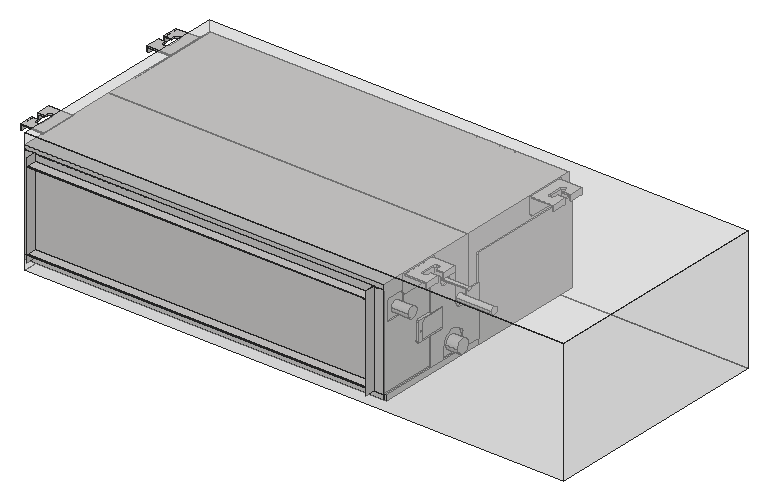
Revit family "outputfile", category 機械設備, Revit 2024
Family settings
  丸型コネクタ寸法 = 半径を使用
  パーツ タイプ = 標準
  OmniClass 番号 = 23.75.10.24.21.27.27
  OmniClass タイトル = Split System Air Conditioning Units
  作業面ベース = いいえ
  常に垂直 = はい
  ロード時にボイドで切り取り = いいえ
  注釈の向きを維持 = いいえ
  共有 = いいえ
  部屋計算ポイント = はい
Parameters (values of type "FXDQ32TV1C")
  Description = ""
  製造元 = "Daikin"
  書き出し IFC クラス(タイプ) = "IfcUnitaryEquipmentType"
  定義済み IFC タイプ(タイプ) = "AIRCONDITIONINGUNIT"
  Cost = 0
  モデル = "FXDQ32TV1C"
  Type Comments = ""
  Keynote = ""
  Type Image = (empty or 0)
  Assembly Code = ""
  r_Liquid Pipe Size = Liquid Pipe Size / 2  # 3.2 mm
  r_Gas Pipe Size = Gas Pipe Size / 2  # 6.35 mm
  r_Drain Pipe Size = Drain Pipe Size / 2  # 10.0 mm
  lw_powersuply = 65.0 mm  # constant formula
  lh_suctionflange [instance] = [h***] + 100.5 mm  # 100.5 mm
  lh_mounting = lh_mountinghole + [h***]  # 200.0 mm
  ld_suctionflange [instance] = if(and(Rear Connection_Return Air, Width = 700.0 mm), 94.5 mm, if(and(Rear Connection_Return Air, Width = 900.0 mm), 94.0 mm, if(and(Rear Connection_Return Air, Width = 1100.0 mm), 94.0 mm, 100.5 mm)))  # 94.5 mm
  ld_powersuply = 64.0 mm  # constant formula
  ld_mountinghole_Back = if(Width = 900.0 mm, 169.0 mm, 165.0 mm)  # 165.0 mm
  ld_mountinghole_Front = if(Width = 900.0 mm, 140.0 mm, 144.0 mm)  # 144.0 mm
  ld_RA_below = if(Width = 700.0 mm, 189.0 mm, 188.0 mm)  # 189.0 mm
  ld_RA = if(Width = 700.0 mm, 94.5 mm, 94.0 mm)  # 94.5 mm
  angle_vertical_RA [instance] = if(Rear Connection_Return Air, 90.00°, 0.00°)  # 90.00°
  angle horizontal_RA [instance] = if(Rear Connection_Return Air, 180.00°, 270.00°)  # 180.00°
  Voltage_comment_50Hz = "220-240"
  Voltage_50Hz = 220 V
  URL = ""
  Supply Air Direction [instance] = yes
  Sound Power Level_H speed (dB) = 0
  Rear Connection_Return Air [instance] = not(Bottom Connection_Return Air)  # yes
  Phase_50Hz = 1
  Minimum External Static Pressure = 10.00 Pa
  Minimum Circuit Amps_50Hz = 0.9 A
  Maximum Fuse Amps_50Hz = 15.0 A
  Maximum External Static Pressure = 50.00 Pa
  Material_Casing = DAIKIN_GalvanizedSteel_Casing_indoorunit
  ld_liquidpipe = 142.0 mm  # constant formula
  ld_gaspipe = 181.0 mm  # constant formula
  lw_mountinghole = Width + 52.0 mm  # 752.0 mm
  ld_drainpipe = 28.0 mm  # constant formula
  lh_liquidpipe = 151.0 mm
  lh_gaspipe = 101.0 mm
  lh_mountinghole = 200.0 mm  # constant formula
  lh_drainpipe = 152.0 mm  # constant formula
  h_antenna = Height - lh_mountinghole + 1.0 mm  # 1.0 mm
  h*** = 0.0 mm  # constant formula
  Width = 700.0 mm
  Version = "ver.1.0"
  Unit Type = "Slim Duct (Standard) Type"
  Unit Mass Weight = 18.00 kg
  Unit Designation [instance] = ""
  Uniclass2015Version = "Products v1.30"
  Uniclass2015Title = "Variable refrigerant flow units"
  Uniclass2015Code = "Pr_70_65_03_94"
  Total Heating Capacity [instance] = 0.000 kW
  Total Cooling Capacity [instance] = 0.000 kW
  Sound Pressure Level_M speed (dBA) = 0
  Sound Pressure Level_L speed (dBA) = 28
  Sound Pressure Level_H speed (dBA) = 33
  Series = "VRV Fan Coil Unit"
  Sensible Cooling Capacity [instance] = 0.000 kW
  SA Duct Size Width = if(Width = 900.0 mm, 860.0 mm, if(Width = 1100.0 mm, 1060.0 mm, 660.0 mm))  # 660.0 mm
  SA Duct Size Height = 153.0 mm  # constant formula
  Refrigerant Type = "R410A"
  RA Duct Size Width = if(Width = 900.0 mm, 775.0 mm, if(Width = 1100.0 mm, 975.0 mm, 575.0 mm))  # 575.0 mm
  RA Duct Size Height [instance] = if(Rear Connection_Return Air, 163.0 mm, if(Width = 700.0 mm, 153.0 mm, 152.0 mm))  # 163.0 mm
  Power Input (Heating) = 0.030 kW
  Power Input (Cooling) = 0.040 kW
  Option Accessory 3 [instance] = ""
  Option Accessory 2 [instance] = ""
  Option Accessory 1 [instance] = ""
  Nominal Heating Capacity = 4.000 kW
  Nominal Cooling Capacity = 3.600 kW
  Minimum Airflow = 0.00 m³/h
  Median Airflow = 0.00 m³/h
  Maximum Airflow = 540.00 m³/h
  Load Classification = HVAC
  Liquid Pipe Size = 6.4 mm
  Link_Nested Family [instance] = ""
  IfcVersion = "0"
  IfcExportType = "AIRCONDITIONINGUNIT"
  IfcExportAs = "IfcUnitaryEquipmentType"
  Height = 200.0 mm
  Heating Entering Wet Bulb Temperature [instance] = 0.00 °C
  Heating Entering Dry Bulb Temperature [instance] = 0.00 °C
  Heating Ambient Wet Bulb Temperature [instance] = 0.00 °C
  Heating Ambient Dry Bulb Temperature [instance] = 0.00 °C
  Heat Exchanger Type = "Cross Fin Coil"
  Gas Pipe Size = 12.7 mm
  Frequency_50Hz = 50 Hz
  Fan Type = "Sirocco Fan"
  Fan Drive = "Direct Drive"
  FCU Tag No. [instance] = ""
  Drain Pipe Size = 20.0 mm
  Design Supply Airflow [instance] = 0.00 m³/h
  Design Return Airflow [instance] = 0.00 m³/h
  Design External Static Pressure [instance] = 0.00 Pa
  Depth = 450.0 mm
  既定の高さ = 0.0 mm
  Cooling Entering Wet Bulb Temperature [instance] = 0.00 °C
  Cooling Entering Dry Bulb Temperature [instance] = 0.00 °C
  Cooling Ambient Wet Bulb Temperature [instance] = 0.00 °C
  Cooling Ambient Dry Bulb Temperature [instance] = 0.00 °C
  Clearance visibility [instance] = yes
  Clearance Top = 20.0 mm
  Clearance Right = 350.0 mm
  Clearance Rear = 0.0 mm
  Clearance Left = 0.0 mm
  Clearance Front = 0.0 mm
  Clearance Bottom = 20.0 mm
  Bottom Connection_Return Air [instance] = no
Reference planes
  plane 1 "Center (Front/Back)": y = 0
  plane 2 "Bottom": z = -200
  plane 3 "Center (Left/Right)": x = 0
  plane 4 "Back": y = 225
  plane 5 "Front": y = -225
  plane 6 "Left": x = -350
  plane 7 "Right": x = 350
  plane 8 "Top": z = 0
  plane 9 "BB": y = -20
  plane 10 "condensate water pan": z = -190
  plane 11 "Below": z = -200
  plane 12 "Other components Right": x = 355
  plane 13 "Other components Left": x = 345
  plane 14 "lh_drainpipe": z = -48
  plane 15 "ld_drainpipe": y = -197
  plane 16 "drainpipe": x = 383
  plane 17 "lh_liquidpipe": z = -49
  plane 18 "ld_liquidpipe": y = -83
  plane 19 "ld_gaspipe": y = -44
  plane 20 "lh_gaspipe": z = -99
  plane 21: x = 403
  plane 22: x = 420
  plane 23: x = 374
  plane 24 "w_mountinghole_Left": x = -376
  plane 25 "w_mountinghole_Right": x = 376
  plane 26 "d_mountinghole_Back": y = 165
  plane 27 "d_mountinghole_Front": y = -144
  plane 28 "h_mountinghole": z = 0
  plane 29 "lw_powersuply": x = 285
  plane 30 "ld_powersuply": y = -161
  plane 31 "Clearance Left": x = -350
  plane 32 "Clearance Right": x = 700
  plane 33 "Clearance Rear": y = 225
  plane 34 "Clearance Front": y = -225
  plane 35 "Clearance Bottom": z = -220
  plane 36 "Clearance Top": z = 20
  plane 37 "RA": y = 224
  plane 38: z = -199
  plane 39 "RA_d": y = 130.5
  plane 40 "RA_w": x = -51.5
  plane 41 "RA_h": z = -99.5
  plane 42 "SA_h": z = -99
  plane 43 "RA_dd": y = 36
Forms (mm)
  Extrusion 1, solid, material "DAIKIN_GalvanizedSteel_Casing_indoorunit" <- "Material_Casing"
    sketch origin (0, 0, 100) x (0, 1, 0) y (0, 0, 1)
      loop
        line (-20, -100) -> (-20, -300) -> (225, -300) -> (225, -100) -> (-20, -100)
    from -350 to 350
  Extrusion 2, solid, material "DAIKIN_GalvanizedSteel_Casing_indoorunit" <- "Material_Casing"
    sketch origin (0, 0, 100) x (0, 1, 0) y (0, 0, 1)
      loop
        line (-225, -100) -> (-225, -290) -> (-20, -290) -> (-20, -100) -> (-225, -100)
    from -350 to 350
  Extrusion 3, solid, material "DAIKIN_GalvanizedSteel_Casing_indoorunit" <- "Material_Casing"
    sketch origin (0, 0, 100) x (0, 1, 0) y (0, 0, 1)
      loop
        line (-225, -290) -> (-225, -300) -> (-20, -300) -> (-20, -290) -> (-225, -290)
    from -350 to 350
  Extrusion 4, solid, material "DAIKIN_GalvanizedSteel_Casing_indoorunit" <- "Material_Casing"
    sketch origin (0, 0, 0) x (0, 1, 0) y (0, 0, 1)
      loop
        arc (2, -40) -> (-0.121, -40.879) -> (-1, -43) r 3
        line (-1, -43) -> (-1, -197)
        arc (-1, -197) -> (-0.121, -199.121) -> (2, -200) r 3
        line (2, -200) -> (225, -200) -> (225, -40) -> (2, -40)
    from 350 to 355
  Extrusion 5, solid, material "DAIKIN_GalvanizedSteel_Casing_indoorunit" <- "Material_Casing"
    sketch origin (620, 0, 0) x (0, 1, 0) y (0, 0, 1)
      loop
        line (-225, -190) -> (-225, -200) -> (-2, -200) -> (-2, -193)
        arc (-2, -193) -> (-2.879, -190.879) -> (-5, -190) r 3
        line (-5, -190) -> (-225, -190)
    from -270 to -265
  Extrusion 6, void
    sketch origin (0, 0, 0) x (0, 1, 0) y (0, 0, 1)
      loop
        arc (-145.64, -94.17) -> (-147.761, -95.049) -> (-148.64, -97.17) r 3
        line (-148.64, -97.17) -> (-148.64, -131.17)
        arc (-148.64, -131.17) -> (-147.761, -133.291) -> (-145.64, -134.17) r 3
        line (-145.64, -134.17) -> (-91.78, -134.17)
        arc (-91.78, -134.17) -> (-89.659, -133.291) -> (-88.78, -131.17) r 3
        line (-88.78, -131.17) -> (-88.78, -97.17)
        arc (-88.78, -97.17) -> (-89.659, -95.049) -> (-91.78, -94.17) r 3
        line (-91.78, -94.17) -> (-145.64, -94.17)
    from 345 to 355
  Extrusion 7, void
    sketch origin (460, 0, 0) x (0, 1, 0) y (0, 0, 1)
      loop
        arc (-212.95, -27.05) -> (-216.486, -28.514) -> (-217.95, -32.05) r 5
        line (-217.95, -32.05) -> (-217.95, -63.95)
        arc (-217.95, -63.95) -> (-216.486, -67.486) -> (-212.95, -68.95) r 5
        line (-212.95, -68.95) -> (-181.05, -68.95)
        arc (-181.05, -68.95) -> (-177.514, -67.486) -> (-176.05, -63.95) r 5
        line (-176.05, -63.95) -> (-176.05, -32.05)
        arc (-176.05, -32.05) -> (-177.514, -28.514) -> (-181.05, -27.05) r 5
        line (-181.05, -27.05) -> (-212.95, -27.05)
    from -115 to -105
  Extrusion 8, solid, material "DAIKIN_GalvanizedSteel_Casing_indoorunit" <- "Material_Casing"
    sketch origin (700, 0, 0) x (0, 1, 0) y (0, 0, 1)
      loop
        line (-116.823, -42) -> (-116.823, -190) -> (-87.438, -190) -> (-87.438, -167.881)
        arc (-87.438, -167.881) -> (-62.998, -143.441) -> (-38.558, -167.881) r 24.44
        line (-38.558, -167.881) -> (-38.558, -190) -> (-1, -190) -> (-1, -92.773) -> (-27.497, -92.773)
        arc (-27.497, -92.773) -> (-28.911, -93.359) -> (-29.497, -94.773) r 2
        line (-29.497, -94.773) -> (-29.497, -99)
        arc (-29.497, -99) -> (-43.997, -113.5) -> (-58.497, -99) r 14.5
        line (-58.497, -99) -> (-58.497, -42.3)
        arc (-58.497, -42.3) -> (-59.171, -40.674) -> (-60.797, -40) r 2.3
        line (-60.797, -40) -> (-69, -40)
        arc (-69, -40) -> (-70.414, -40.586) -> (-71, -42) r 2
        line (-71, -42) -> (-71, -49)
        arc (-71, -49) -> (-83, -61) -> (-95, -49) r 12
        line (-95, -49) -> (-95, -42)
        arc (-95, -42) -> (-95.586, -40.586) -> (-97, -40) r 2
        line (-97, -40) -> (-114.823, -40)
        arc (-114.823, -40) -> (-116.237, -40.586) -> (-116.823, -42) r 2
    from -350 to -345
  Extrusion 9, solid, material "DAIKIN_GalvanizedSteel_Casing_indoorunit" <- "Material_Casing"
    sketch origin (0, 0, 0) x (0, 1, 0) y (0, 0, 1)
      loop
        line (-91.78, -95.17) -> (-145.64, -95.17)
        arc (-145.64, -95.17) -> (-147.054, -95.756) -> (-147.64, -97.17) r 2
        line (-147.64, -97.17) -> (-147.64, -131.17)
        arc (-147.64, -131.17) -> (-147.054, -132.584) -> (-145.64, -133.17) r 2
        line (-145.64, -133.17) -> (-91.78, -133.17)
        arc (-91.78, -133.17) -> (-90.366, -132.584) -> (-89.78, -131.17) r 2
        line (-89.78, -131.17) -> (-89.78, -97.17)
        arc (-89.78, -97.17) -> (-90.366, -95.756) -> (-91.78, -95.17) r 2
    from 345 to 355
  Extrusion 10, solid, material "DAIKIN_GalvanizedSteel_Casing_indoorunit" <- "Material_Casing"
    sketch origin (0, 0, 0) x (0, 1, 0) y (0, 0, 1)
      loop
        line (-89.78, -97.67) -> (-136.14, -97.67) -> (-136.14, -130.67) -> (-89.78, -130.67) -> (-89.78, -97.67)
      loop
        circle (-142.64, -114.17) r 1.5
    from 350 to 355
  Extrusion 11, solid, material "DAIKIN_GalvanizedSteel_Casing_indoorunit" <- "Material_Casing"
    sketch origin (0, 0, 0) x (0, 1, 0) y (0, 0, 1)
      loop
        circle (-197, -48) r 10
    from 350 to 383
  Extrusion 12, solid, material "DAIKIN_GalvanizedSteel_Casing_indoorunit" <- "Material_Casing"
    sketch origin (0, 0, 0) x (0, 1, 0) y (0, 0, 1)
      loop
        circle (-83, -49) r 3.2
    from 350 to 403
  Extrusion 13, solid, material "DAIKIN_GalvanizedSteel_Casing_indoorunit" <- "Material_Casing"
    sketch origin (0, 0, 0) x (0, 1, 0) y (0, 0, 1)
      loop
        circle (-44, -99) r 6.35
    from 350 to 420
  Extrusion 14, solid, material "DAIKIN_GalvanizedSteel_Casing_indoorunit" <- "Material_Casing"
    sketch origin (0, 0, 0) x (0, 1, 0) y (0, 0, 1)
      loop
        circle (-62.998, -169) r 13
    from 350 to 374
  Extrusion 15, void
    sketch origin (0, 0, 0) x (1, 0, 0) y (0, 0, 1)
      loop
        line (246, -1) -> (-349, -1) -> (-349, -200) -> (246, -200) -> (246, -1)
    from -225 to -36
  Extrusion 16, solid, material "DAIKIN_GalvanizedSteel_Casing_indoorunit" <- "Material_Casing", visible <- "Bottom Connection_Return Air"
    sketch origin (0, 0, 0) x (1, 0, 0) y (0, 0, 1)
      loop
        line (246, -1) -> (-349, -1) -> (-349, -200) -> (246, -200) -> (246, -1)
    from -225 to -224
  Extrusion 17, solid, material "DAIKIN_GalvanizedSteel_Casing_indoorunit" <- "Material_Casing", visible <- "Rear Connection_Return Air"
    sketch origin (0, 0, 0) x (1, 0, 0) y (0, 1, 0)
      loop
        line (-349, 36) -> (246, 36) -> (246, 225) -> (-349, 225) -> (-349, 36)
    from -200 to -199
Cuts and joins
  Extrusion 6, Extrusion 7 cuts Extrusion 2
  Extrusion 6 cuts Extrusion 8
  Extrusion 15 cuts Extrusion 1
Dimensions and locks
  locked: plane 9 "BB" to plane 1 "Center (Front/Back)" at 20
  equal spacing: plane 4 "Back", plane 1 "Center (Front/Back)", plane 5 "Front"
  "Depth": plane 4 "Back" to plane 5 "Front"
  plane 9 "BB" to plane 4 "Back" = 245.0 mm
  plane 5 "Front" to plane 9 "BB" = 205.0 mm
  equal spacing: plane 6 "Left", plane 3 "Center (Left/Right)", plane 7 "Right"
  "Width": plane 6 "Left" to plane 7 "Right"
  locked: plane 1 "Center (Front/Back)" to plane 9 "BB" at 20
  "h***": plane 11 "Below" to plane 2 "Bottom"
  locked: plane 10 "condensate water pan" to plane 11 "Below" at 10
  "Height": plane 8 "Top" to plane 11 "Below"
  locked: Extrusion 4 sketch curve to plane 4 "Back" at 226
  locked: Extrusion 4 sketch curve to plane 11 "Below" at 160
  locked: plane 7 "Right" to plane 12 "Other components Right" at 5
  locked: plane 13 "Other components Left" to plane 7 "Right" at 5
  "lh_drainpipe": plane 14 "lh_drainpipe" to plane 11 "Below"
  plane 5 "Front" to plane 15 "ld_drainpipe" = 28.0 mm
  "ld_drainpipe": plane 15 "ld_drainpipe" to plane 5 "Front"
  locked: plane 7 "Right" to plane 16 "drainpipe" at 33
  "lh_liquidpipe": plane 17 "lh_liquidpipe" to plane 11 "Below"
  "ld_liquidpipe": plane 18 "ld_liquidpipe" to plane 5 "Front"
  "ld_gaspipe": plane 19 "ld_gaspipe" to plane 5 "Front"
  plane 5 "Front" to plane 18 "ld_liquidpipe" = 142.0 mm
  plane 5 "Front" to plane 19 "ld_gaspipe" = 181.0 mm
  "lh_gaspipe": plane 20 "lh_gaspipe" to plane 11 "Below"
  locked: plane 7 "Right" to plane 21 at 53
  locked: plane 7 "Right" to plane 22 at 70
  locked: plane 7 "Right" to plane 23 at 24
  equal spacing: plane 24 "w_mountinghole_Left", plane 3 "Center (Left/Right)", plane 25 "w_mountinghole_Right"
  "lw_mountinghole": plane 24 "w_mountinghole_Left" to plane 25 "w_mountinghole_Right"
  plane 26 "d_mountinghole_Back" to plane 27 "d_mountinghole_Front" = 309.0 mm
  "lh_mountinghole": plane 28 "h_mountinghole" to plane 11 "Below"
  "lw_powersuply": plane 29 "lw_powersuply" to plane 7 "Right"
  "ld_powersuply": plane 5 "Front" to plane 30 "ld_powersuply"
  "Clearance Rear": plane 33 "Clearance Rear" to plane 4 "Back"
  "Clearance Front": plane 5 "Front" to plane 34 "Clearance Front"
  "Clearance Bottom": plane 11 "Below" to plane 35 "Clearance Bottom"
  "Clearance Top": plane 36 "Clearance Top" to plane 8 "Top"
  "Clearance Left": plane 31 "Clearance Left" to plane 6 "Left"
  "Clearance Right": plane 7 "Right" to plane 32 "Clearance Right"
  locked: cut or joined group of Extrusion 1, Extrusion 15 to plane 6 "Left" at 1
  locked: plane 7 "Right" to cut or joined group of Extrusion 1, Extrusion 15 at 104
  locked: plane 4 "Back" to plane 37 "RA" at 1
  locked: plane 6 "Left" to Extrusion 17 sketch curve at 1
  locked: Extrusion 17 sketch curve to plane 7 "Right" at 104
  locked: plane 38 to plane 11 "Below" at 1
  locked: plane 40 "RA_w" to plane 3 "Center (Left/Right)" at 51.5
  "ld_RA": plane 39 "RA_d" to plane 4 "Back"
  locked: plane 11 "Below" to plane 41 "RA_h" at 100.5
  locked: plane 11 "Below" to plane 42 "SA_h" at 101
  "ld_mountinghole_Back": plane 26 "d_mountinghole_Back" to plane 1 "Center (Front/Back)"
  "ld_mountinghole_Front": plane 27 "d_mountinghole_Front" to plane 1 "Center (Front/Back)"
  "ld_RA_below": plane 4 "Back" to plane 43 "RA_dd"
  "r_Liquid Pipe Size": radius of Extrusion 12 sketch curve
  "r_Gas Pipe Size": radius of Extrusion 13 sketch curve
  "r_Drain Pipe Size": radius of Extrusion 11 sketch curve
  aligned and locked: Extrusion 1 sketch curve to plane 8 "Top"
  aligned and locked: Extrusion 1 sketch curve to plane 9 "BB"
  aligned and locked: Extrusion 1 sketch curve to plane 4 "Back"
  aligned and locked: Extrusion 2 sketch curve to plane 9 "BB"
  aligned and locked: Extrusion 2 sketch curve to plane 8 "Top"
  aligned and locked: plane 5 "Front" to Extrusion 2 sketch curve
  aligned and locked: Extrusion 1 to plane 6 "Left"
  aligned and locked: plane 7 "Right" to Extrusion 1
  aligned and locked: Extrusion 2 to plane 6 "Left"
  aligned and locked: plane 7 "Right" to Extrusion 2
  aligned and locked: plane 10 "condensate water pan" to Extrusion 2 sketch curve
  aligned and locked: Extrusion 3 sketch curve to plane 10 "condensate water pan"
  aligned and locked: plane 5 "Front" to Extrusion 3 sketch curve
  aligned and locked: plane 9 "BB" to Extrusion 3 sketch curve
  aligned and locked: Extrusion 3 to plane 6 "Left"
  aligned and locked: plane 7 "Right" to Extrusion 3
  aligned and locked: plane 11 "Below" to Extrusion 3
  aligned and locked: Extrusion 1 to plane 11 "Below"
  aligned and locked: plane 11 "Below" to Extrusion 4 sketch curve
  aligned and locked: Extrusion 4 sketch curve to plane 4 "Back"
  aligned and locked: Extrusion 4 to plane 7 "Right"
  aligned and locked: plane 12 "Other components Right" to Extrusion 4
  aligned and locked: Extrusion 5 sketch curve to plane 10 "condensate water pan"
  aligned and locked: plane 5 "Front" to Extrusion 5 sketch curve
  aligned and locked: plane 11 "Below" to Extrusion 5 sketch curve
  aligned and locked: Extrusion 5 to plane 7 "Right"
  aligned and locked: plane 12 "Other components Right" to Extrusion 5
  aligned and locked: Extrusion 8 to plane 7 "Right"
  aligned and locked: plane 12 "Other components Right" to Extrusion 8
  aligned and locked: Extrusion 6 to plane 13 "Other components Left"
  aligned and locked: Extrusion 7 to plane 13 "Other components Left"
  aligned and locked: plane 12 "Other components Right" to Extrusion 7
  aligned and locked: plane 12 "Other components Right" to Extrusion 6
  aligned and locked: Extrusion 10 to plane 7 "Right"
  aligned and locked: Extrusion 9 to plane 13 "Other components Left"
  aligned and locked: plane 16 "drainpipe" to Extrusion 11
  aligned and locked: Extrusion 11 to plane 7 "Right"
  aligned and locked: plane 12 "Other components Right" to Extrusion 9
  aligned and locked: plane 12 "Other components Right" to Extrusion 10
  aligned and locked: Extrusion 12 to plane 7 "Right"
  aligned and locked: plane 21 to Extrusion 12
  aligned and locked: Extrusion 13 sketch curve to plane 19 "ld_gaspipe"
  aligned and locked: plane 20 "lh_gaspipe" to Extrusion 13 sketch curve
  aligned and locked: Extrusion 12 sketch curve to plane 18 "ld_liquidpipe"
  aligned and locked: plane 17 "lh_liquidpipe" to Extrusion 12 sketch curve
  aligned and locked: plane 14 "lh_drainpipe" to Extrusion 11 sketch curve
  aligned and locked: Extrusion 11 sketch curve to plane 15 "ld_drainpipe"
  aligned and locked: Extrusion 13 to plane 7 "Right"
  aligned and locked: plane 22 to Extrusion 13
  aligned and locked: Extrusion 14 to plane 7 "Right"
  aligned and locked: plane 23 to Extrusion 14
  aligned and locked: plane 25 "w_mountinghole_Right" to nested 2
  aligned and locked: nested 2 to plane 26 "d_mountinghole_Back"
  aligned and locked: plane 28 "h_mountinghole" to nested 2
  aligned and locked: plane 27 "d_mountinghole_Front" to nested 3
  aligned and locked: plane 25 "w_mountinghole_Right" to nested 3
  aligned and locked: plane 24 "w_mountinghole_Left" to nested 4
  aligned and locked: plane 26 "d_mountinghole_Back" to nested 4
  aligned and locked: plane 24 "w_mountinghole_Left" to nested 5
  aligned and locked: nested 5 to plane 27 "d_mountinghole_Front"
  aligned and locked: plane 28 "h_mountinghole" to nested 4
  aligned and locked: plane 28 "h_mountinghole" to nested 5
  aligned and locked: plane 28 "h_mountinghole" to nested 3
  aligned and locked: plane 24 "w_mountinghole_Left" to nested 1
  aligned and locked: nested 1 to plane 26 "d_mountinghole_Back"
  aligned and locked: plane 27 "d_mountinghole_Front" to nested 6
  aligned and locked: plane 24 "w_mountinghole_Left" to nested 6
  aligned and locked: nested 7 to plane 25 "w_mountinghole_Right"
  aligned and locked: nested 7 to plane 26 "d_mountinghole_Back"
  aligned and locked: plane 27 "d_mountinghole_Front" to nested 8
  aligned and locked: nested 8 to plane 25 "w_mountinghole_Right"
  aligned and locked: plane 15 "ld_drainpipe" to nested 9
  aligned and locked: plane 7 "Right" to nested 9
  aligned and locked: plane 14 "lh_drainpipe" to nested 9
  aligned and locked: plane 7 "Right" to nested 11
  aligned and locked: plane 7 "Right" to nested 10
  aligned and locked: plane 18 "ld_liquidpipe" to nested 10
  aligned and locked: plane 19 "ld_gaspipe" to nested 11
  aligned and locked: nested 10 to plane 17 "lh_liquidpipe"
  aligned and locked: nested 11 to plane 20 "lh_gaspipe"
  aligned and locked: plane 31 "Clearance Left" to nested 12
  aligned and locked: plane 33 "Clearance Rear" to nested 12
  aligned and locked: plane 34 "Clearance Front" to nested 12
  aligned and locked: nested 12 to plane 32 "Clearance Right"
  aligned and locked: plane 36 "Clearance Top" to nested 12
  aligned and locked: plane 35 "Clearance Bottom" to nested 12
  aligned and locked: nested 13 to plane 29 "lw_powersuply"
  aligned and locked: plane 30 "ld_powersuply" to nested 13
  aligned and locked: nested 13 to plane 20 "lh_gaspipe"
  aligned and locked: plane 3 "Center (Left/Right)" to nested 14
  aligned and locked: plane 1 "Center (Front/Back)" to nested 14
  aligned and locked: plane 1 "Center (Front/Back)" to nested 15
  aligned and locked: nested 15 to plane 11 "Below"
  aligned and locked: plane 3 "Center (Left/Right)" to nested 16
  aligned and locked: plane 3 "Center (Left/Right)" to nested 17
  aligned and locked: plane 8 "Top" to nested 16
  aligned and locked: plane 4 "Back" to Extrusion 15
  aligned and locked: plane 4 "Back" to Extrusion 16
  aligned and locked: Extrusion 16 to plane 37 "RA"
  aligned and locked: Extrusion 17 to plane 11 "Below"
  aligned and locked: plane 38 to Extrusion 17
  aligned and locked: plane 39 "RA_d" to nested 18
  aligned and locked: plane 1 "Center (Front/Back)" to nested 19
  aligned and locked: plane 3 "Center (Left/Right)" to nested 19
  aligned and locked: plane 42 "SA_h" to nested 19
  aligned and locked: nested 16 to plane 37 "RA"
  aligned and locked: nested 16 to plane 4 "Back"
  aligned and locked: nested 17 to plane 38
  aligned and locked: nested 17 to plane 37 "RA"
  aligned and locked: Extrusion 15 to plane 43 "RA_dd"
  aligned and locked: Extrusion 17 sketch curve to plane 43 "RA_dd"
  aligned and locked: level to plane 8 "Top"
Automatic sketch dimensions
  Extrusion 1 sketch curve to plane 10 "condensate water pan" = 10.0 mm
  Extrusion 3 sketch curve to plane 10 "condensate water pan" = 10.0 mm
  Extrusion 4 sketch curve to plane 10 "condensate water pan" = 7.0 mm
  Extrusion 4 sketch curve to plane 1 "Center (Front/Back)" = 2.0 mm
  plane 1 "Center (Front/Back)" to Extrusion 5 sketch curve = 2.0 mm
  Extrusion 5 sketch curve to plane 10 "condensate water pan" = 3.0 mm
  plane 5 "Front" to Extrusion 6 sketch curve = 76.36 mm
  Extrusion 6 sketch curve to Extrusion 6 sketch curve = 3.0 mm  (x3)
  Extrusion 6 sketch curve to Extrusion 6 sketch curve = 53.86 mm
  Extrusion 6 sketch curve to Extrusion 6 sketch curve = 0.0 mm
  plane 10 "condensate water pan" to Extrusion 6 sketch curve = 55.83 mm
  Extrusion 6 sketch curve to Extrusion 6 sketch curve = 34.0 mm
  plane 5 "Front" to Extrusion 7 sketch curve = 7.05 mm
  Extrusion 7 sketch curve to Extrusion 7 sketch curve = 5.0 mm  (x3)
  Extrusion 7 sketch curve to Extrusion 7 sketch curve = 31.9 mm  (x3)
  Extrusion 7 sketch curve to plane 8 "Top" = 68.95 mm
  Extrusion 8 sketch curve to plane 10 "condensate water pan" = 0.0 mm  (x2)
  Extrusion 8 sketch curve to plane 9 "BB" = 96.823 mm
  Extrusion 8 sketch curve to Extrusion 8 sketch curve = 2.0 mm  (x4)
  Extrusion 8 sketch curve to Extrusion 8 sketch curve = 17.823 mm
  Extrusion 8 sketch curve to Extrusion 8 sketch curve = 29.385 mm
  Extrusion 8 sketch curve to Extrusion 8 sketch curve = 12.0 mm
  Extrusion 8 sketch curve to Extrusion 8 sketch curve = 24.44 mm
  Extrusion 8 sketch curve to Extrusion 8 sketch curve = 8.203 mm
  Extrusion 8 sketch curve to plane 9 "BB" = 38.497 mm
  Extrusion 8 sketch curve to Extrusion 8 sketch curve = 14.5 mm
  plane 1 "Center (Front/Back)" to Extrusion 8 sketch curve = 1.0 mm
  Extrusion 8 sketch curve to Extrusion 8 sketch curve = 22.119 mm
  Extrusion 8 sketch curve to Extrusion 8 sketch curve = 68.881 mm
  Extrusion 8 sketch curve to Extrusion 8 sketch curve = 4.227 mm
  Extrusion 8 sketch curve to plane 8 "Top" = 49.0 mm
  Extrusion 8 sketch curve to Extrusion 8 sketch curve = 6.7 mm
  Extrusion 8 sketch curve to Extrusion 8 sketch curve = 7.0 mm
  plane 5 "Front" to Extrusion 9 sketch curve = 79.36 mm
  Extrusion 9 sketch curve to Extrusion 9 sketch curve = 2.0 mm  (x3)
  Extrusion 9 sketch curve to Extrusion 9 sketch curve = 53.86 mm
  Extrusion 9 sketch curve to Extrusion 9 sketch curve = 0.0 mm
  plane 10 "condensate water pan" to Extrusion 9 sketch curve = 56.83 mm
  Extrusion 9 sketch curve to Extrusion 9 sketch curve = 34.0 mm
  plane 5 "Front" to Extrusion 10 sketch curve = 82.36 mm
  Extrusion 10 sketch curve to Extrusion 10 sketch curve = 6.5 mm
  Extrusion 10 sketch curve to Extrusion 10 sketch curve = 46.36 mm
  plane 10 "condensate water pan" to Extrusion 10 sketch curve = 59.33 mm
  Extrusion 10 sketch curve to Extrusion 10 sketch curve = 16.5 mm  (x2)
  Extrusion 14 sketch curve to plane 19 "ld_gaspipe" = 18.998 mm
  plane 10 "condensate water pan" to Extrusion 14 sketch curve = 21.0 mm
  plane 6 "Left" to Extrusion 15 sketch curve = 1.0 mm
  plane 35 "Clearance Bottom" to Extrusion 15 sketch curve = 20.0 mm
  plane 29 "lw_powersuply" to Extrusion 15 sketch curve = 39.0 mm
  Extrusion 15 sketch curve to plane 8 "Top" = 1.0 mm
  plane 6 "Left" to Extrusion 16 sketch curve = 1.0 mm
  Extrusion 16 sketch curve to plane 11 "Below" = 0.0 mm
  plane 29 "lw_powersuply" to Extrusion 16 sketch curve = 39.0 mm
  Extrusion 16 sketch curve to plane 8 "Top" = 1.0 mm
  Extrusion 17 sketch curve to plane 4 "Back" = 0.0 mm
  radius of Extrusion 10 sketch curve = 1.5 mm
  radius of Extrusion 14 sketch curve = 13.0 mm
Nested families
  nested 1: "daikin_mountinghole" at (-376, 165, -200), h_mountinghole <- "lh_mounting", l_antenna <- "h_antenna", Link_Nested Family <- "Link_Nested Family", type "daikin_mountinghole"
    with show yes, l_antenna 1.0 mm, h_mountinghole 200.0 mm, Link_Nested Family ""
  nested 2: "daikin_hangerfixture_FXDQ-TV1C(A)" at (350, 165, 0), type "daikin_hangerfixture_FXDQ-TV1C(A)"
  nested 3: "daikin_hangerfixture_FXDQ-TV1C(A)" at (350, -144, 0), type "daikin_hangerfixture_FXDQ-TV1C(A)"
  nested 4: "daikin_hangerfixture_FXDQ-TV1C(A)" at (-350, 165, 0) x (-1, 0, 0) z (0, 0, 1), type "daikin_hangerfixture_FXDQ-TV1C(A)"
  nested 5: "daikin_hangerfixture_FXDQ-TV1C(A)" at (-350, -144, 0) x (-1, 0, 0) z (0, 0, 1), type "daikin_hangerfixture_FXDQ-TV1C(A)"
  nested 6: "daikin_mountinghole" at (-376, -144, -200), h_mountinghole <- "lh_mounting", l_antenna <- "h_antenna", Link_Nested Family <- "Link_Nested Family", type "daikin_mountinghole"
    with show yes, l_antenna 1.0 mm, h_mountinghole 200.0 mm, Link_Nested Family ""
  nested 7: "daikin_mountinghole" at (376, 165, -200), h_mountinghole <- "lh_mounting", l_antenna <- "h_antenna", Link_Nested Family <- "Link_Nested Family", type "daikin_mountinghole"
    with show yes, l_antenna 1.0 mm, h_mountinghole 200.0 mm, Link_Nested Family ""
  nested 8: "daikin_mountinghole" at (376, -144, -200), h_mountinghole <- "lh_mounting", l_antenna <- "h_antenna", Link_Nested Family <- "Link_Nested Family", type "daikin_mountinghole"
    with show yes, l_antenna 1.0 mm, h_mountinghole 200.0 mm, Link_Nested Family ""
  nested 9: "daikin_connector_rotate2" at (350, -197, -48) x (0, 1, 0) z (0, 0, 1), radius <- "r_Drain Pipe Size", type "daikin_connector_rotate2"
    with radius 10.0 mm, length 33.0 mm, angle_vertical 90.00°, show_face no
  nested 10: "daikin_connector_rotate2" at (350, -83, -49) x (0, 1, 0) z (0, 0, 1), radius <- "r_Liquid Pipe Size", type "daikin_connector_rotate2"
    with radius 3.2 mm, length 53.0 mm, angle_vertical 90.00°, show_face no
  nested 11: "daikin_connector_rotate2" at (350, -44, -99) x (0, 1, 0) z (0, 0, 1), radius <- "r_Gas Pipe Size", type "daikin_connector_rotate2"
    with radius 6.35 mm, length 70.0 mm, angle_vertical 90.00°, show_face no
  nested 12: "daikin_clearancespace" at (175, 0, -99.881), visible <- "Clearance visibility", show <- "Clearance visibility", Link_Nested Family <- "Link_Nested Family", type "daikin_clearancespace"
    with width 1050.0 mm, show yes, height 240.0 mm, depth 450.0 mm, Link_Nested Family ""
  nested 13: "daikin_connector_rotate2" at (285, -161, -99) x (1, 0, 0) z (0, -1, 0), type "daikin_connector_rotate2"
    with radius 10.0 mm, length 101.0 mm, angle_vertical 90.00°, show_face no
  nested 14: "daikin_△_symbolicline" at (0, 0, 200), visible <- "Supply Air Direction", built-in parameter 1001360 <- "Height", type "daikin_△_symbolicline"
    with length 200.0 mm
  nested 15: "daikin_ductflange_FXDQ-TV1C(A)1" at (0, 0, -364.701), width <- "SA Duct Size Width", height <- "SA Duct Size Height", material <- "Material_Casing", type "daikin_ductflange_FXDQ-TV1C(A)1"
    with width 660.0 mm, material DAIKIN_GalvanizedSteel_Casing_indoorunit, height 153.0 mm, depth 20.0 mm
  nested 16: "daikin_ductflange_FXDQ-TV1C(A)2" at (0, 225, -99.5), visible <- "Rear Connection_Return Air", height <- "RA Duct Size Height", width <- "RA Duct Size Width", material <- "Material_Casing", type "daikin_ductflange_FXDQ-TV1C(A)2"
    with width 575.0 mm, material DAIKIN_GalvanizedSteel_Casing_indoorunit, height 163.0 mm, depth 1.0 mm
  nested 17: "daikin_ductflange_FXDQ-TV1C(A)2" at (0, 125.5, -200) x (1, 0, 0) z (0, 1, 0), visible <- "Bottom Connection_Return Air", width <- "RA Duct Size Width", height <- "RA Duct Size Height", type "daikin_ductflange_FXDQ-TV1C(A)2"
    with width 575.0 mm, material DAIKIN_GalvanizedSteel_Casing_indoorunit, height 163.0 mm, depth 1.0 mm
  nested 18: "daikin_connector_rotate3" at (-51.5, 130.5, -99.5), angle_vertical <- "angle_vertical_RA", angle_horizontal <- "angle horizontal_RA", length <- "ld_suctionflange", built-in parameter 1001364 <- "lh_suctionflange", type "daikin_connector_rotate3"
    with show yes, radius 10.0 mm, length 94.5 mm, angle_vertical 90.00°, angle_horizontal 180.00°
  nested 19: "daikin_connector_rotate2" at (0, 0, -99), type "daikin_connector_rotate2"
    with radius 10.0 mm, length 245.0 mm, angle_vertical 90.00°, show_face no
Connectors
  piping at (383, -197, -48), diameter 20, driven by "r_Drain Pipe Size"
    settings: on nested 9, index 1, connector inside diameter 609.6 mm, connector length 0.0 mm, flow factor 0, pipe flow 0.00 m³/h, pressure drop 0.0 Pa, fitting loss kfactor 0, connector angle 0.00°, fixture units 0, engagement length 0.0 mm, angle of deflection 0.00°, flow configuration 1, flow direction 2, fitting loss method 4, system type 16, joint type 0, gender type 0, connector reference index -1, connector utility 0, adjustable connector no, is connector primary yes, connector description "Condensate Drain Piping"
  piping at (420, -44, -99), diameter 12.7, driven by "r_Gas Pipe Size"
    settings: on nested 11, index 2, connector inside diameter 609.6 mm, connector length 0.0 mm, flow factor 0, pipe flow 0.00 m³/h, pressure drop 0.0 Pa, fitting loss kfactor 0, connector angle 0.00°, fixture units 0, engagement length 0.0 mm, angle of deflection 0.00°, flow configuration 1, flow direction 2, fitting loss method 0, system type 29, joint type 0, gender type 0, connector reference index -1, connector utility 0, adjustable connector no, is connector primary no, connector description "Refrigerant Gas Piping"
  piping at (403, -83, -49), diameter 6.4, driven by "r_Liquid Pipe Size"
    settings: on nested 10, index 3, connector inside diameter 609.6 mm, connector length 0.0 mm, flow factor 0, pipe flow 0.00 m³/h, pressure drop 0.0 Pa, fitting loss kfactor 0, connector angle 0.00°, fixture units 0, engagement length 0.0 mm, angle of deflection 0.00°, flow configuration 1, flow direction 1, fitting loss method 0, system type 29, joint type 0, gender type 0, connector reference index -1, connector utility 0, adjustable connector no, is connector primary no, connector description "Refrigerant Liquid Piping"
  electrical at (285, -161, -200), driven by "Load Classification"
    settings: on nested 13, index 4, voltage 0 V, apparent load 0 VA, apparent load phase1 0 VA, apparent load phase2 0 VA, apparent load phase3 0 VA, power factor 1, load classification "HVAC", number of poles 1, system type 30, power factor state 1, is connector primary yes, connector utility no, sub classification motor no, connector description "Power Supply"
  hvac at (-51.5, 225, -99.5), driven by "RA Duct Size Height", driven by "RA Duct Size Width"
    settings: on nested 18, index 5, duct flow 0.00 m³/h, flow factor 0, pres drop 0.00 Pa, loss coef 0, conn angle 0.00°, conn width 575.0 mm, conn height 163.0 mm, conn diameter 609.6 mm, duct sys type 2, conn prof type 1, flow config 0, flow direction 1, loss method 4, conn ref index -1, conn util no, is conn primary yes, conn desc "RA Duct"
  hvac at (0, -245, -99), driven by "SA Duct Size Height", driven by "SA Duct Size Width"
    settings: on nested 19, index 6, duct flow 0.00 m³/h, flow factor 0, pres drop 0.00 Pa, loss coef 0, conn angle 0.00°, conn width 660.0 mm, conn height 153.0 mm, conn diameter 609.6 mm, duct sys type 1, conn prof type 1, flow config 0, flow direction 2, loss method 4, conn ref index -1, conn util no, is conn primary no, conn desc "SA Duct"
Definition of nested family "daikin_hangerfixture_FXDQ-TV1C(A)"
  Parameters (values of type "daikin_hangerfixture_FXDQ-TV1C(A)")
    width = 46.0 mm
    material = none
    height = 35.0 mm
    depth = 70.0 mm
    Default Elevation = 0.0 mm
  Reference planes
    plane 1 "Center (Front/Back)": y = 0
    plane 2: z = 0
    plane 3 "Center (Left/Right)": x = 0
    plane 4: z = -35
    plane 5: y = 35
    plane 6: y = -35
    plane 7: x = 46
    plane 8: z = -2
    plane 9: x = 44
    plane 10: x = 2
    plane 11: x = 26
  Forms (mm)
    Extrusion 1, solid, material <- "material"
      sketch origin (0, 0, 0) x (1, 0, 0) y (0, 1, 0)
        loop
          line (0, 35) -> (0, -35) -> (46, -35) -> (46, -6.5) -> (31.85, -6.5) -> (31.85, -12.15)
          arc (31.85, -12.15) -> (26, -18) -> (20.15, -12.15) r 5.85
          line (20.15, -12.15) -> (20.15, 12.15)
          arc (20.15, 12.15) -> (26, 18) -> (31.85, 12.15) r 5.85
          line (31.85, 12.15) -> (31.85, 6.5) -> (46, 6.5) -> (46, 35) -> (0, 35)
      from -2 to 0
    Extrusion 2, solid, material <- "material"
      sketch origin (0, 0, 0) x (0, 1, 0) y (0, 0, 1)
        loop
          line (35, 0) -> (6.5, 0) -> (6.5, -8)
          arc (6.5, -8) -> (7.379, -10.121) -> (9.5, -11) r 3
          line (9.5, -11) -> (32, -11)
          arc (32, -11) -> (34.121, -10.121) -> (35, -8) r 3
          line (35, -8) -> (35, 0)
        loop
          line (-35, 0) -> (-35, -8)
          arc (-35, -8) -> (-34.121, -10.121) -> (-32, -11) r 3
          line (-32, -11) -> (-9.5, -11)
          arc (-9.5, -11) -> (-7.379, -10.121) -> (-6.5, -8) r 3
          line (-6.5, -8) -> (-6.5, 0) -> (-35, 0)
      from 44 to 46
    Extrusion 3, solid, material <- "material"
      sketch origin (0, 0, 0) x (0, 1, 0) y (0, 0, 1)
        loop
          line (-37.5, 0) -> (-37.5, -30) -> (-32.5, -35) -> (32.5, -35) -> (37.5, -30) -> (37.5, 0) -> (-37.5, 0)
      from 0 to 2
  Cuts and joins
    joined: Extrusion 1, Extrusion 2, Extrusion 3
  Dimensions and locks
    "height": plane 2 to plane 4
    plane 2 to plane 8 = 2.0 mm
    equal spacing: plane 5, plane 1 "Center (Front/Back)", plane 6
    "depth": plane 5 to plane 6
    "width": plane 3 "Center (Left/Right)" to plane 7
    plane 3 "Center (Left/Right)" to plane 11 to plane 7 = 26.0 mm, 20.0 mm
    locked: cut or joined group of Extrusion 1, Extrusion 2, Extrusion 3 to plane 5 at 2.5
    locked: cut or joined group of Extrusion 1, Extrusion 2, Extrusion 3 to plane 6 at 2.5
    aligned and locked: level to plane 2
    aligned and locked: plane 2 to Extrusion 1
    aligned and locked: Extrusion 1 to plane 8
    aligned and locked: plane 7 to Extrusion 2
    aligned and locked: Extrusion 2 to plane 9
    aligned and locked: plane 2 to Extrusion 2
    aligned and locked: plane 4 to Extrusion 3 sketch curve
    aligned and locked: Extrusion 3 sketch curve to plane 2
    aligned and locked: Extrusion 3 to plane 3 "Center (Left/Right)"
    aligned and locked: Extrusion 3 to plane 10
  Automatic sketch dimensions
    Extrusion 1 sketch curve to plane 3 "Center (Left/Right)" = 0.0 mm
    Extrusion 1 sketch curve to plane 7 = 0.0 mm  (x2)
    Extrusion 1 sketch curve to plane 6 = 0.0 mm
    Extrusion 1 sketch curve to plane 5 = 0.0 mm
    plane 3 "Center (Left/Right)" to Extrusion 1 sketch curve = 20.15 mm
    Extrusion 1 sketch curve to Extrusion 1 sketch curve = 5.85 mm  (x2)
    plane 1 "Center (Front/Back)" to Extrusion 1 sketch curve = 12.15 mm
    Extrusion 1 sketch curve to Extrusion 1 sketch curve = 5.65 mm  (x2)
    Extrusion 1 sketch curve to plane 1 "Center (Front/Back)" = 6.5 mm
    Extrusion 2 sketch curve to level = 0.0 mm  (x2)
    Extrusion 2 sketch curve to plane 6 = 0.0 mm
    Extrusion 2 sketch curve to Extrusion 2 sketch curve = 3.0 mm  (x2)
    plane 1 "Center (Front/Back)" to Extrusion 2 sketch curve = 9.5 mm
    plane 1 "Center (Front/Back)" to Extrusion 2 sketch curve = 6.5 mm
    Extrusion 2 sketch curve to plane 1 "Center (Front/Back)" = 6.5 mm
    Extrusion 2 sketch curve to plane 5 = 3.0 mm
    Extrusion 2 sketch curve to plane 5 = 0.0 mm
    Extrusion 2 sketch curve to plane 8 = 6.0 mm  (x2)
    Extrusion 3 sketch curve to Extrusion 3 sketch curve = 5.0 mm  (x2)
    plane 4 to Extrusion 3 sketch curve = 5.0 mm  (x2)
    Extrusion 3 sketch curve to plane 6 = 2.5 mm
    Extrusion 3 sketch curve to plane 5 = 2.5 mm
Definition of nested family "daikin_clearancespace"
  Parameters (values of type "daikin_clearancespace")
    width [instance] = 1823.963 mm
    show [instance] = yes
    material = none
    height [instance] = 1359.762 mm
    depth [instance] = 880.0 mm
    Default Elevation = 0.0 mm
    Link_Nested Family [instance] = ""
  Reference planes
    plane 1 "Center (Front/Back)": y = 0
    plane 2 "Center (Elevation)": z = -0.119
    plane 3 "Center (Left/Right)": x = 0
    plane 4: y = 440
    plane 5: y = -440
    plane 6 "Right": x = 911.982
    plane 7 "Left": x = -911.982
    plane 8 "Top": z = 679.762
    plane 9 "Bottom": z = -680
  Forms (mm)
    Extrusion 1, solid, material <- "material", visible <- "show"
      sketch origin (0, 0, 0) x (1, 0, 0) y (0, 1, 0)
        loop
          line (-911.982, 440) -> (-911.982, -440) -> (911.982, -440) -> (911.982, 440) -> (-911.982, 440)
      from -680 to 679.762
  Lines and regions (mm)
    symbolic lines, visible <- "show"
      curve 1: line (911.982, 440, 0) -> (-911.982, 440, 0)
      curve 2: line (-911.982, 440, 0) -> (-911.982, -440, 0)
      curve 3: line (-911.982, -440, 0) -> (911.982, -440, 0)
      curve 4: line (911.982, -440, 0) -> (911.982, 440, 0)
      curve 5: line (911.982, 0, 679.762) -> (-911.982, 0, 679.762)
      curve 6: line (911.982, 0, -680) -> (911.982, 0, 679.762)
      curve 7: line (-911.982, 0, -680) -> (911.982, 0, -680)
      curve 8: line (-911.982, 0, 679.762) -> (-911.982, 0, -680)
      curve 9: line (0, 440, 679.762) -> (0, -440, 679.762)
      curve 10: line (0, -440, 679.762) -> (0, -440, -680)
      curve 11: line (0, 440, -680) -> (0, 440, 679.762)
      curve 12: line (0, -440, -680) -> (0, 440, -680)
  Dimensions and locks
    "width": plane 7 "Left" to plane 6 "Right"
    "depth": plane 4 to plane 5
    "height": plane 8 "Top" to plane 9 "Bottom"
    equal spacing: plane 7 "Left", plane 3 "Center (Left/Right)", plane 6 "Right"
    equal spacing: plane 4, plane 1 "Center (Front/Back)", plane 5
    equal spacing: plane 8 "Top", plane 2 "Center (Elevation)", plane 9 "Bottom"
    aligned and locked: level to plane 2 "Center (Elevation)"
    aligned and locked: Extrusion 1 sketch curve to plane 4
    aligned and locked: plane 7 "Left" to Extrusion 1 sketch curve
    aligned and locked: Extrusion 1 sketch curve to plane 5
    aligned and locked: Extrusion 1 sketch curve to plane 6 "Right"
    aligned and locked: plane 8 "Top" to Extrusion 1
    aligned and locked: curve 1 to Extrusion 1
    aligned and locked: curve 2 to Extrusion 1
    aligned and locked: curve 3 to Extrusion 1
    aligned and locked: curve 4 to Extrusion 1
    aligned and locked: curve 5 to Extrusion 1
    aligned and locked: curve 6 to Extrusion 1
    aligned and locked: curve 7 to Extrusion 1
    aligned and locked: curve 8 to Extrusion 1
    aligned and locked: curve 9 to Extrusion 1
    aligned and locked: curve 10 to Extrusion 1
    aligned and locked: curve 11 to Extrusion 1
    aligned and locked: curve 12 to Extrusion 1
    aligned and locked: Extrusion 1 to plane 9 "Bottom"
Definition of nested family "daikin_ductflange_FXDQ-TV1C(A)1"
  Parameters (values of type "daikin_ductflange_FXDQ-TV1C(A)1")
    width [instance] = 660.0 mm
    material [instance] = none
    height [instance] = 160.0 mm
    h*** = 100.0 mm
    depth [instance] = 20.0 mm
    Default Elevation = 0.0 mm
  Reference planes
    plane 1 "Center (Front/Back)": y = 0
    plane 2: z = 189.201
    plane 3 "Center (Left/Right)": x = 0
    plane 4: y = -225
    plane 5: x = -330
    plane 6: x = 330
    plane 7: y = -245
    plane 8: z = 189.201
    plane 9: z = 349.201
    plane 10: z = 269.201
    plane 11: z = 363.701
    plane 12: z = 164.701
  Forms (mm)
    Extrusion 1, solid, material <- "material"
      sketch origin (0, 0, -1) x (0, 1, 0) y (0, 0, 1)
        loop
          line (-225, 350.201) -> (-225, 364.701) -> (-226, 364.701) -> (-226, 351.201) -> (-245, 351.201) -> (-245, 350.201) -> (-225, 350.201)
        loop
          line (-225, 190.201) -> (-245, 190.201) -> (-245, 189.201) -> (-226, 189.201) -> (-226, 175.701) -> (-225, 175.701) -> (-225, 190.201)
      from -330 to 330
    Extrusion 2, solid, material <- "material"
      sketch origin (0, 0, 188.201) x (1, 0, 0) y (0, 1, 0)
        loop
          line (330, -225) -> (330, -245) -> (331, -245) -> (331, -226) -> (350, -226) -> (350, -225) -> (330, -225)
        loop
          line (-330, -225) -> (-350, -225) -> (-350, -226) -> (-331, -226) -> (-331, -245) -> (-330, -245) -> (-330, -225)
      from -13.5 to 175.5
  Dimensions and locks
    equal spacing: plane 6, plane 3 "Center (Left/Right)", plane 5
    "width": plane 6 to plane 5
    locked: plane 6 to Extrusion 2 sketch curve at 20
    locked: Extrusion 2 sketch curve to plane 5 at 20
    "height": plane 9 to plane 8
    equal spacing: plane 9, plane 10, plane 8
    "depth": plane 4 to plane 7
    plane 4 to plane 1 "Center (Front/Back)" = 225.0 mm
    locked: Extrusion 1 sketch curve to plane 9 at 14.5
    locked: plane 8 to Extrusion 1 sketch curve at 14.5
    locked: plane 11 to plane 9 at 14.5
    aligned and locked: level to plane 2
    aligned and locked: Extrusion 1 to plane 5
    aligned and locked: Extrusion 1 to plane 9
    aligned and locked: plane 6 to Extrusion 1
    aligned and locked: plane 5 to Extrusion 1  (x2)
    aligned and locked: Extrusion 2 sketch curve to plane 6
    aligned and locked: plane 7 to Extrusion 2 sketch curve
    aligned and locked: Extrusion 2 to Extrusion 1
    aligned and locked: Extrusion 1 to Extrusion 2
    aligned and locked: plane 9 to Extrusion 1
    aligned and locked: plane 8 to Extrusion 1
    aligned and locked: plane 9 to Extrusion 1 sketch curve
    aligned and locked: Extrusion 1 sketch curve to plane 8
  Automatic sketch dimensions
    Extrusion 1 sketch curve to plane 7 = 0.0 mm  (x2)
    Extrusion 1 sketch curve to plane 4 = 0.0 mm  (x2)
    Extrusion 1 sketch curve to plane 4 = 1.0 mm  (x2)
    Extrusion 1 sketch curve to level = 1.0 mm
    Extrusion 2 sketch curve to plane 4 = 0.0 mm  (x2)
    Extrusion 2 sketch curve to plane 7 = 0.0 mm
    Extrusion 2 sketch curve to plane 5 = 0.0 mm
    Extrusion 2 sketch curve to plane 5 = 1.0 mm
    Extrusion 2 sketch curve to Extrusion 2 sketch curve = 1.0 mm
    Extrusion 2 sketch curve to plane 4 = 1.0 mm  (x2)
    plane 9 to Extrusion 1 sketch curve = 1.0 mm
Definition of nested family "daikin_ductflange_FXDQ-TV1C(A)2"
  Parameters (values of type "daikin_ductflange_FXDQ-TV1C(A)2")
    width [instance] = 575.0 mm
    material [instance] = none
    height [instance] = 163.0 mm
    depth [instance] = 1.0 mm
    Default Elevation = 0.0 mm
  Reference planes
    plane 1 "Center (Front/Back)": y = 0
    plane 2: z = 0
    plane 3 "Center (Left/Right)": x = 0
    plane 4: z = 81.5
    plane 5: z = -81.5
    plane 6: y = -1
    plane 7: x = -350
    plane 8: x = 350
    plane 9: x = 247
    plane 10: x = 241
    plane 11: x = -344
    plane 12: x = 236
    plane 13: x = -339
    plane 14: x = -51.5
    plane 15: z = 99.5
  Forms (mm)
    Extrusion 1, solid, material <- "material"
      sketch origin (0, 0, 0) x (1, 0, 0) y (0, 0, 1)
        loop
          line (-339, 81.5) -> (-339, -81.5) -> (236, -81.5) -> (236, 81.5) -> (-339, 81.5)
        loop
          line (-349, -99.5) -> (246, -99.5) -> (246, 98.5) -> (-349, 98.5) -> (-349, -99.5)
      from 0 to 1
  Dimensions and locks
    "depth": plane 6 to plane 1 "Center (Front/Back)"
    locked: plane 10 to plane 8 at 109
    locked: plane 11 to plane 10 at 585
    plane 13 to plane 7 = 11.0 mm
    plane 9 to plane 12 = 11.0 mm
    locked: plane 14 to plane 3 "Center (Left/Right)" at 51.5
    equal spacing: plane 13, plane 14, plane 12
    "width": plane 13 to plane 12
    locked: plane 15 to plane 4 at 18
    equal spacing: plane 4, plane 2, plane 5
    "height": plane 4 to plane 5
    equal spacing: plane 7, plane 3 "Center (Left/Right)", plane 8
    plane 7 to plane 8 = 700.0 mm
    locked: Extrusion 1 sketch curve to plane 7 at 1
    locked: plane 9 to Extrusion 1 sketch curve at 1
    locked: Extrusion 1 sketch curve to plane 4 at 17
    locked: plane 5 to Extrusion 1 sketch curve at 18
    aligned and locked: level to plane 2
    aligned and locked: Extrusion 1 to plane 1 "Center (Front/Back)"
    aligned and locked: Extrusion 1 to plane 6
    aligned and locked: plane 13 to Extrusion 1 sketch curve
    aligned and locked: Extrusion 1 sketch curve to plane 12
  Automatic sketch dimensions
    Extrusion 1 sketch curve to plane 5 = 0.0 mm
    Extrusion 1 sketch curve to plane 4 = 0.0 mm
Definition of nested family "daikin_connector_rotate3"
  Parameters (values of type "daikin_connector_rotate3")
    Default Elevation = 1219.2 mm
    show [instance] = yes
    radius [instance] = 10.0 mm
    length [instance] = 600.0 mm
    angle_horizontal [instance] = 60.00°
    angle_vertical [instance] = 90.00°
  Reference planes
    plane 1 "Center (Front/Back)": y = 0
    plane 2: z = 0
    plane 3 "Center (Left/Right)": x = 0
  Dimensions and locks
    "angle_horizontal": angle plane 3 "Center (Left/Right)" to nested 1
    aligned and locked: level to plane 2
    aligned and locked: plane 1 "Center (Front/Back)" to nested 1  (x2)
    aligned and locked: plane 3 "Center (Left/Right)" to nested 1
  Nested families
    nested 1: "daikin_connector_rotate2" at (0, 0, 0) x (0.5, 0.866, 0) z (0, 0, 1), angle_vertical <- "angle_vertical", length <- "length", radius <- "radius", type "daikin_connector_rotate2"
      with radius 10.0 mm, length 600.0 mm, angle_vertical 90.00°
  Definition of nested family "daikin_connector_rotate2"
    Parameters (values of type "daikin_connector_rotate2")
      show_face = yes
      radius [instance] = 10.0 mm
      length [instance] = 600.0 mm
      d_surface = 10.0 mm
      angle_vertical [instance] = 90.00°
      Default Elevation = 0.0 mm
    Reference planes
      plane 1 "Center (Front/Back)": y = 0
      plane 2: z = 0
      plane 3 "Center (Left/Right)": x = 0
    Forms (mm)
      Extrusion 1, solid, visible <- "show_face"
        sketch origin (0, -600, 0) x (1, 0, 0) y (0, 0, 1)
          loop
            circle (0, 0) r 10
        from 0 to -10
    Lines and regions (mm)
      reference lines
        curve 1: line (0, 0, 0) -> (0, -600, 0)
      symbolic lines
        curve 2: circle (0, 0, 0) r 5 normal (0, 0, 1)
      model lines, visible <- "show_face"
        curve 3: line (0, 0, 0) -> (0, -600, 0)
    Dimensions and locks
      "length": curve 1 to curve 1
      "length": curve 3 to curve 3
      "d_surface": Extrusion 1 to Extrusion 1
      "radius": radius of Extrusion 1 sketch curve
      "angle_vertical": angle curve 1 to plane 1 "Center (Front/Back)"
      "angle_vertical": angle curve 3 to plane 1 "Center (Front/Back)"
      aligned and locked: level to plane 2
      aligned and locked: plane 1 "Center (Front/Back)" to curve 1
      aligned and locked: plane 2 to curve 1
      aligned and locked: plane 1 "Center (Front/Back)" to curve 2
      aligned and locked: plane 3 "Center (Left/Right)" to curve 2
      aligned and locked: plane 1 "Center (Front/Back)" to curve 3
      aligned and locked: plane 2 to curve 3
      aligned and locked: Extrusion 1 to Extrusion 1
    Automatic sketch dimensions
      Extrusion 1 sketch curve to level = 0.0 mm
      Extrusion 1 sketch curve to plane 3 "Center (Left/Right)" = 0.0 mm
      radius of curve 2 = 5.0 mm
Definition of nested family "daikin_mountinghole"
  Parameters (values of type "daikin_mountinghole")
    Default Elevation = 1219.2 mm
    Type Comments = "mountinghole"
    show [instance] = yes
    material = none
    l_centerline = 100.0 mm
    l_antenna [instance] = 100.0 mm
    h_mountinghole [instance] = 0.0 mm
    d_circle = 30.0 mm
    Link_Nested Family [instance] = ""
  Reference planes
    plane 1 "Center (Front/Back)": y = 0
    plane 2: z = 0
    plane 3 "Center (Left/Right)": x = 0
    plane 4: y = 50
    plane 5: x = -50
    plane 6: x = 50
    plane 7: y = -50
    plane 8 "h_mountinghole": z = 0
    plane 9: z = 100
  Lines and regions (mm)
    model lines, detail levels fine
      curve 1: circle (0, 0, 0) r 15 normal (0, 0, 1)
      curve 2: line (-50, 0, 0) -> (50, 0, 0)
      curve 3: line (0, 50, 0) -> (0, -50, 0)
    symbolic lines, detail levels fine
      curve 4: circle (0, 0, 0) r 15 normal (0, 0, 1)
      curve 5: line (-50, 0, 0) -> (50, 0, 0)
      curve 6: line (0, 50, 0) -> (0, -50, 0)
    model lines
      curve 7: line (0, 0, 100) -> (0, 0, 0)
  Dimensions and locks
    equal spacing: plane 4, plane 1 "Center (Front/Back)", plane 7
    "l_centerline": plane 4 to plane 7
    equal spacing: plane 5, plane 3 "Center (Left/Right)", plane 6
    "l_centerline": plane 5 to plane 6
    "l_antenna": plane 9 to plane 8 "h_mountinghole"
    "h_mountinghole": plane 8 "h_mountinghole" to plane 2
    "d_circle": diameter of curve 1
    "d_circle": diameter of curve 4
    aligned and locked: level to plane 2
    aligned and locked: plane 1 "Center (Front/Back)" to curve 1
    aligned and locked: plane 3 "Center (Left/Right)" to curve 1
    aligned and locked: plane 1 "Center (Front/Back)" to curve 2
    aligned and locked: curve 3 to plane 3 "Center (Left/Right)"
    aligned and locked: plane 6 to curve 2
    aligned and locked: plane 5 to curve 2
    aligned and locked: plane 4 to curve 3
    aligned and locked: plane 7 to curve 3
    aligned and locked: plane 1 "Center (Front/Back)" to curve 4
    aligned and locked: plane 3 "Center (Left/Right)" to curve 4
    aligned and locked: plane 6 to curve 5
    aligned and locked: plane 5 to curve 5
    aligned and locked: plane 1 "Center (Front/Back)" to curve 5
    aligned and locked: plane 4 to curve 6
    aligned and locked: plane 7 to curve 6
    aligned and locked: curve 6 to plane 3 "Center (Left/Right)"
    aligned and locked: curve 7 to plane 3 "Center (Left/Right)"
    aligned and locked: plane 9 to curve 7
    aligned and locked: plane 8 "h_mountinghole" to curve 7
Definition of nested family "daikin_connector_rotate2"
  Parameters (values of type "daikin_connector_rotate2")
    show_face = yes
    radius [instance] = 10.0 mm
    length [instance] = 600.0 mm
    d_surface = 10.0 mm
    angle_vertical [instance] = 90.00°
    Default Elevation = 0.0 mm
  Reference planes
    plane 1 "Center (Front/Back)": y = 0
    plane 2: z = 0
    plane 3 "Center (Left/Right)": x = 0
  Forms (mm)
    Extrusion 1, solid, visible <- "show_face"
      sketch origin (0, -600, 0) x (1, 0, 0) y (0, 0, 1)
        loop
          circle (0, 0) r 10
      from 0 to -10
  Lines and regions (mm)
    reference lines
      curve 1: line (0, 0, 0) -> (0, -600, 0)
    symbolic lines
      curve 2: circle (0, 0, 0) r 5 normal (0, 0, 1)
    model lines, visible <- "show_face"
      curve 3: line (0, 0, 0) -> (0, -600, 0)
  Dimensions and locks
    "length": curve 1 to curve 1
    "length": curve 3 to curve 3
    "d_surface": Extrusion 1 to Extrusion 1
    "radius": radius of Extrusion 1 sketch curve
    "angle_vertical": angle curve 1 to plane 1 "Center (Front/Back)"
    "angle_vertical": angle curve 3 to plane 1 "Center (Front/Back)"
    aligned and locked: level to plane 2
    aligned and locked: plane 1 "Center (Front/Back)" to curve 1
    aligned and locked: plane 2 to curve 1
    aligned and locked: plane 1 "Center (Front/Back)" to curve 2
    aligned and locked: plane 3 "Center (Left/Right)" to curve 2
    aligned and locked: plane 1 "Center (Front/Back)" to curve 3
    aligned and locked: plane 2 to curve 3
    aligned and locked: Extrusion 1 to Extrusion 1
  Automatic sketch dimensions
    Extrusion 1 sketch curve to level = 0.0 mm
    Extrusion 1 sketch curve to plane 3 "Center (Left/Right)" = 0.0 mm
    radius of curve 2 = 5.0 mm
Definition of nested family "daikin_△_symbolicline"
  Parameters (values of type "daikin_△_symbolicline")
    length [instance] = 500.0 mm
    Default Elevation = 0.0 mm
  Reference planes
    plane 1 "Center (Front/Back)": y = 0
    plane 2: z = 0
    plane 3 "Center (Left/Right)": x = 0
  Lines and regions (mm)
    symbolic lines
      curve 1: line (0, -433.013, 0) -> (250, 0, 0)
      curve 2: line (250, 0, 0) -> (-250, 0, 0)
      curve 3: line (-250, 0, 0) -> (0, -433.013, 0)
  Dimensions and locks
    equal spacing: curve 3, plane 3 "Center (Left/Right)", curve 2
    "length": curve 3 to curve 2
    "length": curve 3 to curve 3
    "length": curve 1 to curve 1
    aligned and locked: level to plane 2
    aligned and locked: curve 2 to plane 1 "Center (Front/Back)"
    aligned and locked: plane 3 "Center (Left/Right)" to curve 3
